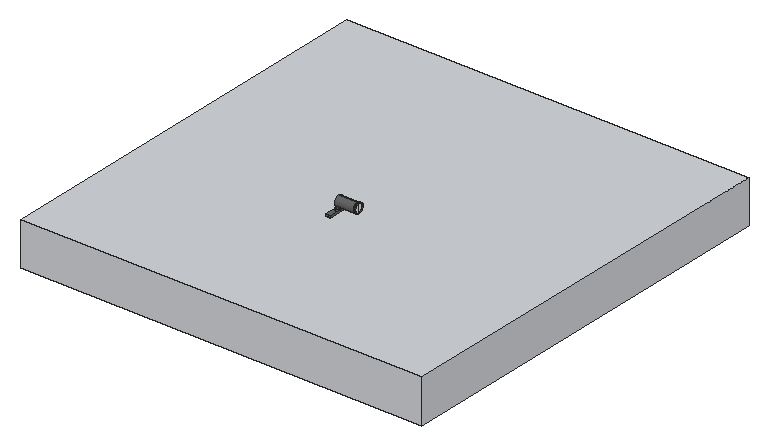
Revit family "Thorn TONIC S", category Lighting Fixtures, host Face, Revit 2018
Family settings
  Host = Face
  Round Connector Dimension = Use Diameter
  Part Type = Normal
  OmniClass Number = 23.80.70.11
  OmniClass Title = Luminaries for Internal Lighting
  Cut with Voids When Loaded = No
  Light Source = No
  Shared = No
  Room Calculation Point = No
Parameters (values of type "TONIC S 2800 940  3GU FL BK")
  Wattage Comments = ""
  Voltage = 230 V
  URL = "www.thornlighting.com//96638017"
  Type Comments = "© Thorn. We reserve the right to make technical changes without prior notice."  # constant formula
  Reflector = ZG_SI_Opaque
  Model = "96638017"
  Rotation [instance] = 0.00°
  Angle Value [instance] = -Angle  # 0.00°
  Angle [instance] = 0.00°
  Manufacturer = "Thorn Lighting"  # constant formula
  Length = 140 mm  # constant formula
  Lamp = "LED"
  Height = 68 mm  # constant formula
  Description = "LED spot luminaires"  # constant formula
  Default Elevation = 0 mm
  Body = ZG_Metal_Black
  Assembly Code = "D5020200"
  Apparent Load = 24.5 VA
Reference planes
  plane 1 "Center (Front/Back)": y = 0
  plane 2 "Top": z = 0
  plane 3 "Center (Left/Right)": x = 399.5
  plane 4: y = 84
  plane 5: x = 383.5
  plane 6: x = 415.5
  plane 7: y = -84
  plane 8: z = -31
  plane 9: z = 12.5
  plane 10: z = 17.5
  plane 11: z = -31
Forms (mm)
  Extrusion 1, solid
    sketch origin (116.179, 575, 0) x (1, 0, 0) y (0, 1, 0)
      loop
        line (-1016.679, 1125) -> (-1016.679, -1737.29) -> (1803.321, -1737.29) -> (1803.321, 1125) -> (-1016.679, 1125)
    from 0 to -304.8
  Extrusion 2, solid, material "ZG_Metal_Black" <- "Body"
    sketch origin (0, 0, 0) x (1, 0, 0) y (0, 1, 0)
      loop
        line (383.5, -84) -> (415.5, -84) -> (415.5, 84) -> (383.5, 84) -> (383.5, -84)
    from 0 to 12.5
  Extrusion 3, solid, material "ZG_Metal_Black" <- "Body"
    sketch origin (0, 0, 0) x (1, 0, 0) y (0, 1, 0)
      loop
        line (392, -84) -> (407, -84) -> (407, 84) -> (392, 84) -> (392, -84)
    from 0 to -31
  Revolve 4, solid, material "ZG_Metal_Black" <- "Body"
    sketch origin (399.5, 0, 0) x (1, 0, 0) y (0, 0, 1)
      loop
        line (17, 12.5) -> (17, 17.5) -> (0, 17.5) -> (0, 12.5) -> (17, 12.5)
      axis (0, 12.5) -> (0, 17.5)
    angle from 0 to 360
  Extrusion 5, solid, material "ZG_Metal_Black" <- "Body"
    sketch origin (0, 0, 0) x (1, 0, 0) y (0, 1, 0)
      loop
        circle (399.5, 0) r 6
    from 17.5 to 47.5
Lines and regions (mm)
  reference lines
    curve 1: line (399.5, 0, 0) -> (604.5, 0, 0)
Dimensions and locks
  "Rotation": angle plane 1 "Center (Front/Back)" to curve 1
  aligned and locked: Extrusion 1 to plane 2 "Top"
  aligned and locked: Extrusion 1 to level
  aligned and locked: plane 1 "Center (Front/Back)" to curve 1
  aligned and locked: plane 3 "Center (Left/Right)" to curve 1
Automatic sketch dimensions
  Extrusion 1 sketch curve to Extrusion 1 sketch curve = 2820 mm
  Extrusion 1 sketch curve to Extrusion 1 sketch curve = 2862.29 mm
  Extrusion 2 sketch curve to plane 4 = 0 mm
  Extrusion 2 sketch curve to plane 5 = 0 mm
  Extrusion 2 sketch curve to plane 6 = 0 mm
  plane 5 to Extrusion 3 sketch curve = 8.5 mm
  Extrusion 3 sketch curve to plane 6 = 8.5 mm
  Extrusion 3 sketch curve to plane 1 "Center (Front/Back)" = 84 mm
  plane 1 "Center (Front/Back)" to Extrusion 3 sketch curve = 84 mm
  plane 7 to Extrusion 2 sketch curve = 0 mm
  Revolve 4 sketch curve to curve 1 = 0 mm  (x2)
  Revolve 4 sketch curve to curve 1 = 12.5 mm
  curve 1 to Revolve 4 sketch curve = 17.5 mm
  curve 1 to Revolve 4 sketch curve = 32 mm
  curve 1 to Revolve 4 sketch curve = 57 mm
  Revolve 4 sketch curve to Revolve 4 sketch curve = 17 mm
  plane 1 "Center (Front/Back)" to Extrusion 5 sketch curve = 0 mm
  Extrusion 5 sketch curve to plane 3 "Center (Left/Right)" = 0 mm
  radius of Extrusion 5 sketch curve = 6 mm
Nested families
  nested 1: "Thorn TONIC S Body" at (605.5, -155, 53) x (1, 0, 0) z (0, 0, -1), Angle <- "Angle Value", type "TONIC S 2800 940 3GU FL BK"
    with Angle 0.00°
Connectors
  electrical at (399.5, 0, -31), driven by "Apparent Load", driven by "Voltage"
    settings: on Extrusion 3, index 1, voltage 230 V, apparent load 0 VA, apparent load phase1 24.5 VA, apparent load phase2 0 VA, apparent load phase3 0 VA, power factor 1, load classification "Lighting", number of poles 1, system type 30, power factor state 1, is connector primary yes, connector utility no, sub classification motor no, connector description "Power"
Definition of nested family "Thorn TONIC S Body"
  Parameters (values of type "TONIC S 2800 940 3GU FL BK")
    Wattage = 19.7587 W
    built-in parameter 1150110 = 1 (stored number, unit not read)
    Voltage = 230 V
    URL = ""
    Type Comments = ""
    built-in parameter 1114217 = 1 (stored number, unit not read)
    Tilt Angle = 0.00°
    built-in parameter 1150109 = 1 (stored number, unit not read)
    built-in parameter 1150134 = 12
    built-in parameter 1150113 = 1 (stored number, unit not read)
    Photometric Web File = "96638017 TONIC S.IES"
    Model = ""
    Manufacturer = ""
    built-in parameter 1150105 = 9136.7 (stored number, unit not read)
    Lumens = 2935 lm
    built-in parameter 1150115 = 1 (stored number, unit not read)
    built-in parameter 1150137 = (empty or 0)
    built-in parameter 1150139 = (empty or 0)
    built-in parameter 1150112 = 1 (stored number, unit not read)
    built-in parameter 1150114 = 1 (stored number, unit not read)
    Lamp = "LED"
    built-in parameter 1150132 = 2
    built-in parameter 1150102 = (empty or 0)
    built-in parameter 1150107 = 4000 (stored number, unit not read)
    built-in parameter 1150138 = (empty or 0)
    built-in parameter 1150106 = 91.367 (stored number, unit not read)
    built-in parameter 1150104 = 13.8 (stored number, unit not read)
    Dimming Lamp Color Temperature Shift = (empty or 0)
    Description = ""
    Default Elevation = 0 mm
    Cover = none
    Color Filter = 16777215
    Body = none
    built-in parameter 1114218 = 1 (stored number, unit not read)
    built-in parameter 1150133 = 10 (stored number, unit not read)
    Assembly Code = "D5020210"
    Apparent Load = 24.5 VA
    Angle [instance] = 35.00°
  Reference planes
    plane 1: z = 0
    plane 2 "Center (Front/Back)": y = -155
    plane 3 "Center (Left/Right)": x = -200
  Forms (mm)
    Revolve 1, solid, material <- "Body"
      sketch origin (-200, -155, 0) x (0.819152, 0, 0.573576) y (-0.573576, 0, 0.819152)
        loop
          line (0, -17) -> (130, -17) -> (130, 15) -> (140, 15) -> (140, 17) -> (0, 17) -> (0, -17)
        axis (0, -17) -> (140, -17)
      angle from 0 to 360
  Lines and regions (mm)
    reference lines
      curve 1: line (-200, -155, 0) -> (815.749, -155, 711.235)
      curve 2: line (-83.759, -155, 60.639) -> (-122.189, -155, 115.523)
      curve 3: line (-190.249, -155, -13.926) -> (-83.759, -155, 60.639)
  Dimensions and locks
    "Angle": angle plane 1 to curve 1
    aligned and locked: plane 3 "Center (Left/Right)" to curve 1
    aligned and locked: plane 1 to curve 1
    aligned and locked: imposter light to curve 2  (x2)
  Automatic sketch dimensions
    curve 1 to Revolve 1 sketch curve = 17 mm  (x3)
    Revolve 1 sketch curve to curve 1 = 0 mm  (x2)
    curve 1 to Revolve 1 sketch curve = 130 mm
    Revolve 1 sketch curve to Revolve 1 sketch curve = 10 mm
    Revolve 1 sketch curve to Revolve 1 sketch curve = 2 mm
    Revolve 1 sketch curve to Revolve 1 sketch curve = 65 mm
    curve 1 to curve 3 = 0 mm
    curve 1 to curve 2 = 17 mm
    curve 2 to curve 1 = 50 mm
    curve 1 to curve 2 = 130 mm
